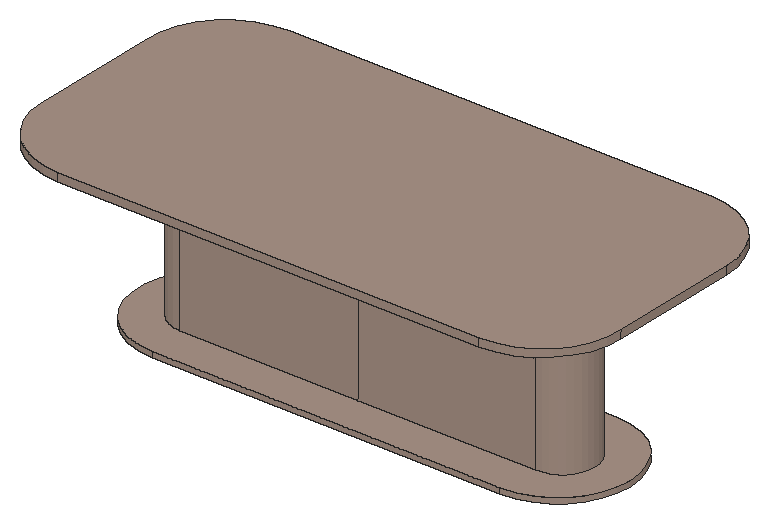
Revit family
Parameters (values of type "2200 x 1100 mm")
  Width = 1100 mm
  Material of Table = Table Material
  Length = 2200 mm
  Height = 700 mm
Reference planes
  plane 1 "Center (Front/Back)": y = 0
  plane 2: z = 0
  plane 3 "Center (Left/Right)": x = 0
  plane 4: z = 700
  plane 5: x = -1100
  plane 6: x = 1100
  plane 7: y = 550
  plane 8: y = -550
Forms (mm)
  Extrusion 1, solid, material "Table Material" <- "Material of Table"
    sketch origin (0, 0, 700) x (-1, 0, 0) y (0, -1, 0)
      loop
        line (-800, -550) -> (800, -550)
        arc (800, -550) -> (1012.132, -462.132) -> (1100, -250) r 300
        line (1100, -250) -> (1100, 250)
        arc (1100, 250) -> (1012.132, 462.132) -> (800, 550) r 300
        line (800, 550) -> (-800, 550)
        arc (-800, 550) -> (-1012.132, 462.132) -> (-1100, 250) r 300
        line (-1100, 250) -> (-1100, -250)
        arc (-1100, -250) -> (-1012.132, -462.132) -> (-800, -550) r 300
    from 0 to -30
  Extrusion 2, solid, material "Table Material" <- "Material of Table"
    sketch origin (0, 0, 0) x (1, 0, 0) y (0, 1, 0)
      loop
        line (0, 125) -> (-675, 125)
        arc (-675, 125) -> (-800, 0) -> (-675, -125) r 125
        line (-675, -125) -> (0, -125) -> (675, -125)
        arc (675, -125) -> (800, 0) -> (675, 125) r 125
        line (675, 125) -> (0, 125)
    from 20 to 670
  Extrusion 3, solid, material "Table Material" <- "Material of Table"
    sketch origin (0, 0, 0) x (1, 0, 0) y (0, 1, 0)
      loop
        arc (-660, 275) -> (-935, 0) -> (-660, -275) r 275
        line (-660, -275) -> (660, -275)
        arc (660, -275) -> (935, 0) -> (660, 275) r 275
        line (660, 275) -> (-660, 275)
    from 0 to 20
Dimensions and locks
  "Height": plane 4 to level
  equal spacing: plane 5, plane 3 "Center (Left/Right)", plane 6
  "Length": plane 5 to plane 6
  equal spacing: plane 8, plane 1 "Center (Front/Back)", plane 7
  "Width": plane 8 to plane 7
  aligned and locked: plane 4 to Extrusion 1
  aligned and locked: Extrusion 3 to Extrusion 2
  aligned and locked: Extrusion 2 to Extrusion 1
Automatic sketch dimensions
  Extrusion 1 sketch curve to plane 6 = 300 mm  (x2)
  Extrusion 1 sketch curve to plane 6 = 0 mm
  Extrusion 1 sketch curve to plane 8 = 0 mm
  plane 5 to Extrusion 1 sketch curve = 300 mm  (x2)
  Extrusion 1 sketch curve to plane 7 = 0 mm
  Extrusion 1 sketch curve to plane 5 = 0 mm
  Extrusion 2 sketch curve to plane 1 "Center (Front/Back)" = 0 mm
  Extrusion 2 sketch curve to plane 3 "Center (Left/Right)" = 0 mm  (x2)
  plane 5 to Extrusion 2 sketch curve = 425 mm
  Extrusion 2 sketch curve to plane 6 = 425 mm
  Extrusion 3 sketch curve to plane 1 "Center (Front/Back)" = 0 mm
  plane 5 to Extrusion 3 sketch curve = 440 mm
  Extrusion 3 sketch curve to plane 6 = 440 mm
  Extrusion 3 sketch curve to Extrusion 3 sketch curve = 275 mm
  plane 1 "Center (Front/Back)" to Extrusion 2 sketch curve = 125 mm
